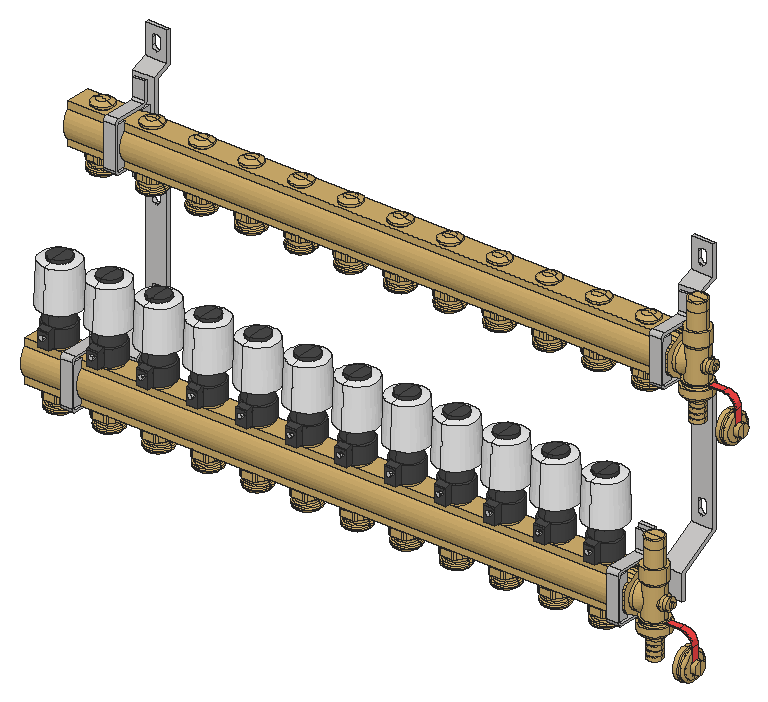
Revit family "1Manifold FHF_2-12_TWA-A_RFA", category Pipe Accessories, Revit 2019 (continued)
Definition of nested family "_FHF-EA_EM"
  Forms (mm)
    Revolve 13, solid, material <- "Valve Body Material", visible <- "FHF-EA200"
      sketch origin (0, 0, 0) x (1, 0, 0) y (0, 0, 1)
        loop
          line (34.458, 75.7) -> (18.583, 75.7) -> (18.583, 31.222) -> (22.397, 31.222) -> (22.397, 29.7) -> (22.397, -20.3) -> (19.532, -20.3) -> (19.532, -30.3) -> (26.815, -30.3) -> (26.815, -53.8) -> (34.458, -53.8) -> (34.458, 75.7)
        axis (34.458, -53.8) -> (34.458, 75.7)
      angle from 0 to 360
    Revolve 14, solid, material <- "Valve Body Material", visible <- "FHF-EA200"
      sketch origin (0, 0, 0) x (1, 0, 0) y (0, 0, 1)
        loop
          line (64.487, -47.3) -> (80.487, -47.3) -> (80.487, -41.045) -> (74.447, -41.045) -> (74.447, -32.3) -> (64.487, -32.3) -> (64.487, -47.3)
        axis (80.487, -47.3) -> (64.487, -47.3)
      angle from 0 to 360
    Revolve 15, solid, material <- "Valve Body Material", visible <- "FHF-EM350"
      sketch origin (0, 0, 0) x (1, 0, 0) y (0, 0, 1)
        loop
          line (34.487, -53.8) -> (34.487, 57.24) -> (26.313, 57.24)
          arc (26.313, 57.24) -> (25.748, 57.006) -> (25.513, 56.44) r 0.8
          line (25.513, 56.44) -> (25.513, 48.2) -> (25.513, 31.226) -> (22.284, 31.226) -> (22.284, 17.96) -> (23.815, 15.773) -> (23.815, -16.3) -> (20.987, -16.3) -> (20.987, -17.3) -> (23.632, -17.3) -> (23.632, -18.82) -> (22.157, -20.295) -> (19.515, -20.295) -> (19.515, -27.281) -> (22.534, -30.3) -> (26.842, -30.3) -> (27.094, -35.103) -> (27.482, -38.797) -> (27.272, -39.877) -> (27.48, -43.835) -> (27.281, -44.86) -> (27.488, -48.827) -> (27.176, -49.734) -> (27.176, -53.35) -> (28.237, -53.8) -> (34.487, -53.8)
        axis (34.487, -53.8) -> (34.487, 57.24)
      angle from 0 to 360
    Sweep 16, solid, visible <- "FHF-EM"
      path origin (0, 0, 0) x (1, 0, 0) y (0, 0, 1)
        loop
          line (45.159, -16.3) -> (62.487, -16.3)
          arc (62.487, -16.3) -> (71.656, -20.098) -> (75.455, -29.268) r 12.968
          line (75.455, -29.268) -> (75.455, -54.268)
      profile origin (53.823, 0, -16.3) x (0, 0, 1) y (0, -1, 0)
        loop
          line (-0.007, 3.534) -> (-1.008, 3.534) -> (-1.008, -3.534) -> (-0.008, -3.534) -> (-0.007, 3.534)
    Revolve 17, solid, material <- "Valve Body Material", visible <- "FHF-EM200"
      sketch origin (0, 0, 0) x (1, 0, 0) y (0, 0, 1)
        loop
          line (0, 0) -> (34.041, 0)
          arc (34.041, 0) -> (30.207, 11.138) -> (19.487, 16.021) r 14.916
          line (19.487, 16.021) -> (0, 16.021) -> (0, 0)
        axis (0, 0) -> (34.041, 0)
      angle from 0 to 360
    Revolve 18, solid, material <- "Valve Body Material", visible <- "FHF-EA200"
      sketch origin (0, 0, 0) x (1, 0, 0) y (0, 0, 1)
        loop
          line (34.458, 75.7) -> (18.583, 75.7) -> (18.583, 31.222) -> (22.397, 31.222) -> (22.397, 29.7) -> (22.397, -20.3) -> (19.532, -20.3) -> (19.532, -30.3) -> (26.815, -30.3) -> (26.815, -53.8) -> (34.458, -53.8) -> (34.458, 75.7)
        axis (34.458, -53.8) -> (34.458, 75.7)
      angle from 0 to 360
    Revolve 19, solid, material <- "Valve Body Material", visible <- "FHF-EM200"
      sketch origin (0, 0, 0) x (1, 0, 0) y (0, 0, 1)
        loop
          line (64.487, -47.3) -> (80.487, -47.3) -> (80.487, -41.045) -> (74.447, -41.045) -> (74.447, -32.3) -> (64.487, -32.3) -> (64.487, -47.3)
        axis (80.487, -47.3) -> (64.487, -47.3)
      angle from 0 to 360
    Revolve 20, solid, material <- "Valve Body Material", visible <- "FHF-EM200"
      sketch origin (0, 0, 0) x (1, 0, 0) y (0, 0, 1)
        loop
          line (34.458, 57.24) -> (22.397, 57.24) -> (22.397, -20.3) -> (19.532, -20.3) -> (19.532, -30.3) -> (26.815, -30.3) -> (26.815, -53.8) -> (34.458, -53.8) -> (34.458, 57.24)
        axis (34.458, -53.8) -> (34.458, 57.24)
      angle from 0 to 360
  Dimensions and locks
    "L": plane 6 to plane 3 "Center (Left/Right)"
    "H1": plane 8 to level
    "H2": level to plane 7
    equal spacing: plane 9, plane 1 "Center (Front/Back)", plane 10
    "W": plane 9 to plane 10
    aligned and locked: level to plane 2
  Automatic sketch dimensions
    Revolve 1 sketch curve to level = 0 mm  (x2)
    Revolve 1 sketch curve to plane 3 "Center (Left/Right)" = 0 mm  (x2)
    plane 3 "Center (Left/Right)" to Revolve 1 sketch curve = 7.24 mm
    Revolve 1 sketch curve to Revolve 1 sketch curve = 0.736 mm
    Revolve 1 sketch curve to Revolve 1 sketch curve = 2.794 mm
    Revolve 1 sketch curve to Revolve 1 sketch curve = 1.453 mm
    level to Revolve 1 sketch curve = 14.494 mm
    Revolve 1 sketch curve to Revolve 1 sketch curve = 2.058 mm  (x2)
    plane 3 "Center (Left/Right)" to Revolve 1 sketch curve = 1.535 mm
    Revolve 1 sketch curve to Revolve 1 sketch curve = 0 mm
    Revolve 1 sketch curve to Revolve 1 sketch curve = 1.535 mm
    Extrusion 2 sketch curve to level = 0 mm  (x2)
    Extrusion 2 sketch curve to plane 1 "Center (Front/Back)" = 0 mm  (x2)
    plane 1 "Center (Front/Back)" to Extrusion 2 sketch curve = 2.669 mm  (x2)
    Extrusion 2 sketch curve to Extrusion 2 sketch curve = 3.302 mm  (x2)
    Extrusion 2 sketch curve to plane 4 = 3.75 mm  (x2)
    plane 4 to Extrusion 2 sketch curve = 2.831 mm  (x2)
    Extrusion 2 sketch curve to Extrusion 2 sketch curve = 0.782 mm  (x2)
    Extrusion 2 sketch curve to Extrusion 2 sketch curve = 0.707 mm  (x2)
    Extrusion 2 sketch curve to Extrusion 2 sketch curve = 1.489 mm  (x2)
    Extrusion 2 sketch curve to Extrusion 2 sketch curve = 0.63 mm  (x2)
    plane 4 to Extrusion 2 sketch curve = 5.5 mm
    Extrusion 2 sketch curve to plane 1 "Center (Front/Back)" = 2.669 mm  (x2)
    plane 5 to Extrusion 2 sketch curve = 3.75 mm  (x2)
    Extrusion 2 sketch curve to plane 5 = 2.831 mm  (x2)
    Extrusion 2 sketch curve to plane 5 = 5.5 mm
    Extrusion 2 sketch curve to Extrusion 2 sketch curve = 3.786 mm  (x2)
    Extrusion 2 sketch curve to Extrusion 2 sketch curve = 3.813 mm  (x2)
    Extrusion 2 sketch curve to Extrusion 2 sketch curve = 1.22 mm  (x2)
    Extrusion 2 sketch curve to Extrusion 2 sketch curve = 1.181 mm  (x2)
    Extrusion 2 sketch curve to Extrusion 2 sketch curve = 1.136 mm  (x2)
    Extrusion 2 sketch curve to Extrusion 2 sketch curve = 1.086 mm  (x2)
    Extrusion 2 sketch curve to Extrusion 2 sketch curve = 3.8 mm  (x4)
    Extrusion 2 sketch curve to Extrusion 2 sketch curve = 1.893 mm  (x7)
    Extrusion 2 sketch curve to Extrusion 2 sketch curve = 5.693 mm
    Extrusion 2 sketch curve to Extrusion 2 sketch curve = 1.907 mm  (x3)
    Extrusion 2 sketch curve to Extrusion 2 sketch curve = 0.179 mm  (x2)
    level to Extrusion 2 sketch curve = 3.786 mm  (x2)
    Extrusion 2 sketch curve to Extrusion 2 sketch curve = 3.814 mm  (x2)
    Extrusion 2 sketch curve to Extrusion 2 sketch curve = 2.401 mm  (x2)
    Extrusion 2 sketch curve to Extrusion 2 sketch curve = 2.222 mm  (x2)
    Extrusion 2 sketch curve to Extrusion 2 sketch curve = 0 mm  (x15)
    Extrusion 2 sketch curve to Extrusion 2 sketch curve = 3.279 mm  (x2)
    Extrusion 2 sketch curve to plane 4 = 0.471 mm  (x2)
    plane 5 to Extrusion 2 sketch curve = 0.471 mm  (x2)
    plane 3 "Center (Left/Right)" to Revolve 3 sketch curve = 15.987 mm
    Revolve 3 sketch curve to Revolve 3 sketch curve = 0.47 mm
    Revolve 3 sketch curve to Revolve 3 sketch curve = 1.502 mm
    Revolve 3 sketch curve to Revolve 3 sketch curve = 3.069 mm
    plane 3 "Center (Left/Right)" to Revolve 3 sketch curve = 19.056 mm
    plane 3 "Center (Left/Right)" to Revolve 3 sketch curve = 19.515 mm
    Revolve 3 sketch curve to Revolve 3 sketch curve = 1.472 mm
    Revolve 3 sketch curve to Revolve 3 sketch curve = 3.228 mm
    Revolve 3 sketch curve to Revolve 3 sketch curve = 2.642 mm
    Revolve 3 sketch curve to Revolve 3 sketch curve = 3.019 mm  (x2)
    Revolve 3 sketch curve to Revolve 3 sketch curve = 1.475 mm  (x2)
    Revolve 3 sketch curve to Revolve 3 sketch curve = 1.531 mm
    Revolve 3 sketch curve to Revolve 3 sketch curve = 4.308 mm
    Revolve 3 sketch curve to Revolve 3 sketch curve = 0.252 mm
    Revolve 3 sketch curve to Revolve 3 sketch curve = 0.082 mm
    Revolve 3 sketch curve to Revolve 3 sketch curve = 0.178 mm
    Revolve 3 sketch curve to Revolve 3 sketch curve = 0.105 mm
    Revolve 3 sketch curve to Revolve 3 sketch curve = 0.199 mm
    Revolve 3 sketch curve to Revolve 3 sketch curve = 0.21 mm
    Revolve 3 sketch curve to Revolve 3 sketch curve = 0.313 mm
    Revolve 3 sketch curve to Revolve 3 sketch curve = 1.061 mm
    Revolve 3 sketch curve to Revolve 3 sketch curve = 3.958 mm
    Revolve 3 sketch curve to Revolve 3 sketch curve = 1.08 mm
    Revolve 3 sketch curve to Revolve 3 sketch curve = 3.695 mm
    Revolve 3 sketch curve to Revolve 3 sketch curve = 4.803 mm
    Revolve 3 sketch curve to Revolve 3 sketch curve = 1.52 mm
    Revolve 3 sketch curve to Revolve 3 sketch curve = 1 mm
    level to Revolve 3 sketch curve = 15.773 mm
    Revolve 3 sketch curve to Revolve 3 sketch curve = 17.012 mm
    Revolve 3 sketch curve to Revolve 3 sketch curve = 0.512 mm
    Revolve 3 sketch curve to Revolve 3 sketch curve = 0.919 mm
    Revolve 3 sketch curve to Revolve 3 sketch curve = 5.08 mm
    Revolve 3 sketch curve to Revolve 3 sketch curve = 1.962 mm
    Revolve 3 sketch curve to Revolve 3 sketch curve = 6.25 mm
    Revolve 3 sketch curve to Revolve 3 sketch curve = 0 mm  (x2)
    Revolve 3 sketch curve to Revolve 3 sketch curve = 0.007 mm
    plane 6 to Revolve 4 sketch curve = 0 mm  (x2)
    Revolve 4 sketch curve to plane 6 = 6 mm
    Revolve 4 sketch curve to Revolve 4 sketch curve = 2.522 mm
    Revolve 4 sketch curve to Revolve 4 sketch curve = 2.471 mm
    Revolve 4 sketch curve to Revolve 4 sketch curve = 0.522 mm
    Revolve 4 sketch curve to Revolve 4 sketch curve = 0.143 mm
    Revolve 4 sketch curve to Revolve 4 sketch curve = 6.164 mm
    Revolve 4 sketch curve to Revolve 4 sketch curve = 5.813 mm
    Revolve 4 sketch curve to Revolve 4 sketch curve = 0.001 mm
    Revolve 4 sketch curve to Revolve 4 sketch curve = 10 mm
    Revolve 4 sketch curve to Revolve 4 sketch curve = 0 mm  (x2)
    Sweep 5 sketch curve to plane 6 = 18 mm
    Sweep 5 sketch curve to Sweep 5 sketch curve = 12.968 mm
    Sweep 5 sketch curve to Sweep 5 sketch curve = 17.328 mm
    profile plane to Sweep 5 sketch curve = 1.008 mm
    profile plane to Sweep 5 sketch curve = 0.008 mm
    Sweep 5 sketch curve to Sweep 5 sketch curve = 1.001 mm
    Sweep 5 sketch curve to plane 1 "Center (Front/Back)" = 3.534 mm
    plane 1 "Center (Front/Back)" to Sweep 5 sketch curve = 3.534 mm
    Sweep 5 sketch curve to Sweep 5 sketch curve = 1 mm
    plane 3 "Center (Left/Right)" to Revolve 6 sketch curve = 6.174 mm
    Revolve 6 sketch curve to Revolve 6 sketch curve = 9.151 mm
    Revolve 6 sketch curve to Revolve 6 sketch curve = 0.823 mm
    Revolve 6 sketch curve to Revolve 6 sketch curve = 0 mm  (x2)
    Revolve 6 sketch curve to Revolve 6 sketch curve = 3.908 mm
    Revolve 6 sketch curve to Revolve 6 sketch curve = 0.141 mm
    Revolve 7 sketch curve to level = 0 mm  (x2)
    plane 3 "Center (Left/Right)" to Revolve 7 sketch curve = 19.487 mm
    Revolve 7 sketch curve to Revolve 7 sketch curve = 4.111 mm
    Revolve 7 sketch curve to Revolve 7 sketch curve = 9.817 mm
    Revolve 7 sketch curve to Revolve 7 sketch curve = 11.642 mm
    Revolve 7 sketch curve to Revolve 7 sketch curve = 1.53 mm
    Revolve 7 sketch curve to Revolve 7 sketch curve = 4.1 mm
    Revolve 7 sketch curve to Revolve 7 sketch curve = 2.909 mm
    level to Revolve 7 sketch curve = 2.5 mm
    Revolve 7 sketch curve to Revolve 7 sketch curve = 3.5 mm
    level to Revolve 7 sketch curve = 7.53 mm
    Revolve 7 sketch curve to Revolve 7 sketch curve = 7.132 mm
    Revolve 7 sketch curve to Revolve 7 sketch curve = 0 mm  (x2)
    Revolve 8 sketch curve to level = 0 mm  (x2)
    Revolve 8 sketch curve to plane 3 "Center (Left/Right)" = 0 mm  (x2)
    plane 3 "Center (Left/Right)" to Revolve 8 sketch curve = 1.535 mm
    Revolve 8 sketch curve to Revolve 8 sketch curve = 5.705 mm
    Revolve 8 sketch curve to Revolve 8 sketch curve = 0.736 mm
    Revolve 8 sketch curve to Revolve 8 sketch curve = 2.794 mm
    Revolve 8 sketch curve to Revolve 8 sketch curve = 1.453 mm
    level to Revolve 8 sketch curve = 14.494 mm
    Revolve 8 sketch curve to Revolve 8 sketch curve = 0.523 mm
    Revolve 8 sketch curve to Revolve 8 sketch curve = 2.058 mm  (x2)
    Revolve 8 sketch curve to Revolve 8 sketch curve = 0 mm
    Extrusion 9 sketch curve to level = 0 mm  (x2)
    Extrusion 9 sketch curve to plane 1 "Center (Front/Back)" = 0 mm  (x2)
    plane 1 "Center (Front/Back)" to Extrusion 9 sketch curve = 2.669 mm  (x2)
    Extrusion 9 sketch curve to Extrusion 9 sketch curve = 3.302 mm  (x2)
    Extrusion 9 sketch curve to plane 4 = 3.75 mm  (x2)
    plane 4 to Extrusion 9 sketch curve = 2.831 mm  (x2)
    Extrusion 9 sketch curve to Extrusion 9 sketch curve = 0.782 mm  (x2)
    Extrusion 9 sketch curve to Extrusion 9 sketch curve = 0.707 mm  (x2)
    Extrusion 9 sketch curve to Extrusion 9 sketch curve = 1.489 mm  (x2)
    Extrusion 9 sketch curve to Extrusion 9 sketch curve = 0.63 mm  (x2)
    plane 4 to Extrusion 9 sketch curve = 5.5 mm
    Extrusion 9 sketch curve to plane 1 "Center (Front/Back)" = 2.669 mm  (x2)
    plane 5 to Extrusion 9 sketch curve = 3.75 mm  (x2)
    Extrusion 9 sketch curve to plane 5 = 2.831 mm  (x2)
    Extrusion 9 sketch curve to plane 5 = 5.5 mm
    Extrusion 9 sketch curve to Extrusion 9 sketch curve = 3.786 mm  (x2)
    Extrusion 9 sketch curve to Extrusion 9 sketch curve = 3.813 mm  (x2)
    Extrusion 9 sketch curve to Extrusion 9 sketch curve = 1.22 mm  (x2)
    Extrusion 9 sketch curve to Extrusion 9 sketch curve = 1.181 mm  (x2)
    Extrusion 9 sketch curve to Extrusion 9 sketch curve = 1.136 mm  (x2)
    Extrusion 9 sketch curve to Extrusion 9 sketch curve = 1.086 mm  (x2)
    Extrusion 9 sketch curve to Extrusion 9 sketch curve = 3.8 mm  (x4)
    Extrusion 9 sketch curve to Extrusion 9 sketch curve = 1.893 mm  (x7)
    Extrusion 9 sketch curve to Extrusion 9 sketch curve = 5.693 mm
    Extrusion 9 sketch curve to Extrusion 9 sketch curve = 1.907 mm  (x3)
    Extrusion 9 sketch curve to Extrusion 9 sketch curve = 0.179 mm  (x2)
    level to Extrusion 9 sketch curve = 3.786 mm  (x2)
    Extrusion 9 sketch curve to Extrusion 9 sketch curve = 3.814 mm  (x2)
    Extrusion 9 sketch curve to Extrusion 9 sketch curve = 2.401 mm  (x2)
    Extrusion 9 sketch curve to Extrusion 9 sketch curve = 2.222 mm  (x2)
    Extrusion 9 sketch curve to Extrusion 9 sketch curve = 0 mm  (x15)
    Extrusion 9 sketch curve to Extrusion 9 sketch curve = 3.279 mm  (x2)
    Extrusion 9 sketch curve to plane 4 = 0.471 mm  (x2)
    plane 5 to Extrusion 9 sketch curve = 0.471 mm  (x2)
    plane 6 to Revolve 10 sketch curve = 0 mm  (x2)
    Revolve 10 sketch curve to plane 6 = 6 mm
    Revolve 10 sketch curve to Revolve 10 sketch curve = 2.522 mm
    Revolve 10 sketch curve to Revolve 10 sketch curve = 2.471 mm
    Revolve 10 sketch curve to Revolve 10 sketch curve = 0.522 mm
    Revolve 10 sketch curve to Revolve 10 sketch curve = 0.143 mm
    Revolve 10 sketch curve to Revolve 10 sketch curve = 10 mm
    Revolve 10 sketch curve to Revolve 10 sketch curve = 6.164 mm
    Revolve 10 sketch curve to Revolve 10 sketch curve = 5.813 mm
    Revolve 10 sketch curve to Revolve 10 sketch curve = 0.001 mm
    Revolve 10 sketch curve to Revolve 10 sketch curve = 0 mm  (x2)
    Revolve 11 sketch curve to level = 0 mm  (x2)
    plane 3 "Center (Left/Right)" to Revolve 11 sketch curve = 19.487 mm
    Revolve 11 sketch curve to Revolve 11 sketch curve = 4.111 mm
    Revolve 11 sketch curve to Revolve 11 sketch curve = 9.817 mm
    Revolve 11 sketch curve to Revolve 11 sketch curve = 11.642 mm
    Revolve 11 sketch curve to Revolve 11 sketch curve = 1.53 mm
    Revolve 11 sketch curve to Revolve 11 sketch curve = 4.1 mm
    Revolve 11 sketch curve to Revolve 11 sketch curve = 2.909 mm
    level to Revolve 11 sketch curve = 2.5 mm
    Revolve 11 sketch curve to Revolve 11 sketch curve = 3.5 mm
    level to Revolve 11 sketch curve = 7.53 mm
    Revolve 11 sketch curve to Revolve 11 sketch curve = 7.132 mm
    Revolve 11 sketch curve to Revolve 11 sketch curve = 0 mm  (x2)
    Revolve 12 sketch curve to level = 0 mm  (x2)
    Revolve 12 sketch curve to plane 3 "Center (Left/Right)" = 0 mm  (x2)
    level to Revolve 12 sketch curve = 1.109 mm
    plane 3 "Center (Left/Right)" to Revolve 12 sketch curve = 19.166 mm
    Revolve 12 sketch curve to Revolve 12 sketch curve = 0.32 mm
    Revolve 12 sketch curve to Revolve 12 sketch curve = 14.874 mm
    Revolve 12 sketch curve to Revolve 12 sketch curve = 0 mm
    plane 3 "Center (Left/Right)" to Revolve 13 sketch curve = 18.583 mm
    plane 3 "Center (Left/Right)" to Revolve 13 sketch curve = 19.532 mm
    Revolve 13 sketch curve to Revolve 13 sketch curve = 3.814 mm
    Revolve 13 sketch curve to Revolve 13 sketch curve = 7.283 mm
    Revolve 13 sketch curve to Revolve 13 sketch curve = 7.643 mm
    Revolve 13 sketch curve to Revolve 13 sketch curve = 10 mm
    level to Revolve 13 sketch curve = 29.7 mm
    Revolve 13 sketch curve to Revolve 13 sketch curve = 1.522 mm
    Revolve 13 sketch curve to Revolve 13 sketch curve = 0 mm  (x3)
    plane 6 to Revolve 14 sketch curve = 0 mm  (x2)
    Revolve 14 sketch curve to plane 6 = 6.04 mm
    Revolve 14 sketch curve to Revolve 14 sketch curve = 9.96 mm
    Revolve 14 sketch curve to Revolve 14 sketch curve = 8.745 mm
    Revolve 14 sketch curve to Revolve 14 sketch curve = 0 mm  (x2)
    Sweep 16 sketch curve to plane 6 = 18 mm
    Sweep 16 sketch curve to plane 6 = 5.032 mm
    Sweep 16 sketch curve to Sweep 16 sketch curve = 17.328 mm
    profile plane to Sweep 16 sketch curve = 1.008 mm  (x2)
    profile plane to Sweep 16 sketch curve = 0.008 mm
    profile plane to Sweep 16 sketch curve = 0.007 mm
    Sweep 16 sketch curve to plane 1 "Center (Front/Back)" = 3.534 mm
    plane 1 "Center (Front/Back)" to Sweep 16 sketch curve = 3.534 mm
    Revolve 17 sketch curve to level = 0 mm  (x2)
    Revolve 17 sketch curve to plane 3 "Center (Left/Right)" = 0 mm  (x2)
    level to Revolve 17 sketch curve = 1.109 mm
    plane 3 "Center (Left/Right)" to Revolve 17 sketch curve = 19.166 mm
    Revolve 17 sketch curve to Revolve 17 sketch curve = 0.32 mm
    Revolve 17 sketch curve to Revolve 17 sketch curve = 14.874 mm
    Revolve 17 sketch curve to Revolve 17 sketch curve = 0 mm
    plane 3 "Center (Left/Right)" to Revolve 18 sketch curve = 18.583 mm
    plane 3 "Center (Left/Right)" to Revolve 18 sketch curve = 19.532 mm
    Revolve 18 sketch curve to Revolve 18 sketch curve = 3.814 mm
    Revolve 18 sketch curve to Revolve 18 sketch curve = 7.283 mm
    Revolve 18 sketch curve to Revolve 18 sketch curve = 7.643 mm
    Revolve 18 sketch curve to Revolve 18 sketch curve = 10 mm
    level to Revolve 18 sketch curve = 29.7 mm
    Revolve 18 sketch curve to Revolve 18 sketch curve = 1.522 mm
    Revolve 18 sketch curve to Revolve 18 sketch curve = 0 mm  (x3)
    plane 6 to Revolve 19 sketch curve = 0 mm  (x2)
    Revolve 19 sketch curve to plane 6 = 6.04 mm
    Revolve 19 sketch curve to Revolve 19 sketch curve = 9.96 mm
    Revolve 19 sketch curve to Revolve 19 sketch curve = 6.255 mm
    Revolve 19 sketch curve to Revolve 19 sketch curve = 8.745 mm
    Revolve 19 sketch curve to Revolve 19 sketch curve = 0 mm  (x2)
    plane 3 "Center (Left/Right)" to Revolve 20 sketch curve = 19.532 mm
    Revolve 20 sketch curve to Revolve 20 sketch curve = 2.865 mm
    Revolve 20 sketch curve to Revolve 20 sketch curve = 7.283 mm
    Revolve 20 sketch curve to Revolve 20 sketch curve = 7.643 mm
    Revolve 20 sketch curve to Revolve 20 sketch curve = 10 mm
    Revolve 20 sketch curve to Revolve 20 sketch curve = 0 mm  (x3)
    Revolve 3 sketch curve to Revolve 3 sketch curve = 1.5 mm  (x2)
    level to Revolve 6 sketch curve = 69.25 mm
    Revolve 6 sketch curve to Revolve 6 sketch curve = 4.604 mm
    Revolve 6 sketch curve to Revolve 6 sketch curve = 1.346 mm
    Revolve 6 sketch curve to Revolve 6 sketch curve = 0.561 mm
    Revolve 13 sketch curve to Revolve 13 sketch curve = 44.478 mm
    Revolve 18 sketch curve to Revolve 18 sketch curve = 44.478 mm
    level to Revolve 20 sketch curve = 57.24 mm
    Revolve 3 sketch curve to level = 16.3 mm
    Revolve 3 sketch curve to Revolve 3 sketch curve = 1.025 mm
    Revolve 3 sketch curve to Revolve 3 sketch curve = 3.967 mm
    Revolve 3 sketch curve to Revolve 3 sketch curve = 0.908 mm
    Revolve 3 sketch curve to Revolve 3 sketch curve = 3.615 mm
    Revolve 3 sketch curve to Revolve 3 sketch curve = 0.45 mm
    Revolve 4 sketch curve to level = 47.3 mm
    Sweep 5 sketch curve to level = 29.268 mm
    Sweep 5 sketch curve to Sweep 5 sketch curve = 25 mm
    Revolve 10 sketch curve to level = 47.3 mm
    Revolve 13 sketch curve to level = 20.3 mm
    Revolve 13 sketch curve to Revolve 13 sketch curve = 23.5 mm
    Revolve 14 sketch curve to level = 47.3 mm
    Revolve 14 sketch curve to Revolve 14 sketch curve = 6.255 mm
    Sweep 16 sketch curve to level = 29.268 mm
    Sweep 16 sketch curve to Sweep 16 sketch curve = 25 mm
    Revolve 18 sketch curve to level = 20.3 mm
    Revolve 18 sketch curve to Revolve 18 sketch curve = 23.5 mm
    Revolve 19 sketch curve to level = 47.3 mm
    Revolve 20 sketch curve to level = 20.3 mm
    Revolve 20 sketch curve to Revolve 20 sketch curve = 23.5 mm
    Revolve 3 sketch curve to plane 8 = 0 mm
    Revolve 3 sketch curve to Revolve 3 sketch curve = 2.187 mm
    Revolve 3 sketch curve to Revolve 3 sketch curve = 13.266 mm
    Revolve 3 sketch curve to plane 7 = 0 mm
    Revolve 15 sketch curve to plane 7 = 0 mm  (x2)
    plane 3 "Center (Left/Right)" to Revolve 15 sketch curve = 19.515 mm
    Revolve 15 sketch curve to Revolve 15 sketch curve = 1.472 mm
    plane 3 "Center (Left/Right)" to Revolve 15 sketch curve = 22.284 mm
    Revolve 15 sketch curve to Revolve 15 sketch curve = 2.642 mm
    Revolve 15 sketch curve to Revolve 15 sketch curve = 3.019 mm  (x2)
    Revolve 15 sketch curve to Revolve 15 sketch curve = 2.645 mm
    Revolve 15 sketch curve to Revolve 15 sketch curve = 1.531 mm
    Revolve 15 sketch curve to Revolve 15 sketch curve = 3.229 mm
    Revolve 15 sketch curve to Revolve 15 sketch curve = 0.8 mm
    Revolve 15 sketch curve to Revolve 15 sketch curve = 4.308 mm
    Revolve 15 sketch curve to Revolve 15 sketch curve = 0.252 mm
    plane 7 to Revolve 15 sketch curve = 0.45 mm
    Revolve 15 sketch curve to Revolve 15 sketch curve = 0.082 mm
    Revolve 15 sketch curve to Revolve 15 sketch curve = 0.178 mm
    plane 7 to Revolve 15 sketch curve = 8.94 mm
    Revolve 15 sketch curve to Revolve 15 sketch curve = 0.105 mm
    plane 7 to Revolve 15 sketch curve = 9.965 mm
    Revolve 15 sketch curve to Revolve 15 sketch curve = 0.199 mm
    Revolve 15 sketch curve to Revolve 15 sketch curve = 0.21 mm
    plane 7 to Revolve 15 sketch curve = 4.973 mm
    Revolve 15 sketch curve to Revolve 15 sketch curve = 0.313 mm
    Revolve 15 sketch curve to Revolve 15 sketch curve = 1.061 mm
    Revolve 15 sketch curve to Revolve 15 sketch curve = 6.25 mm
    Revolve 15 sketch curve to Revolve 15 sketch curve = 0.908 mm
    Revolve 15 sketch curve to Revolve 15 sketch curve = 3.958 mm
    Revolve 15 sketch curve to Revolve 15 sketch curve = 1.08 mm
    Revolve 15 sketch curve to Revolve 15 sketch curve = 3.695 mm
    Revolve 15 sketch curve to Revolve 15 sketch curve = 4.803 mm
    Revolve 15 sketch curve to Revolve 15 sketch curve = 1.475 mm
    Revolve 15 sketch curve to Revolve 15 sketch curve = 1.52 mm
    Revolve 15 sketch curve to Revolve 15 sketch curve = 1 mm
    level to Revolve 15 sketch curve = 15.773 mm
    Revolve 15 sketch curve to plane 8 = 19.26 mm
    Revolve 15 sketch curve to Revolve 15 sketch curve = 0 mm  (x2)
    Revolve 15 sketch curve to Revolve 15 sketch curve = 8.24 mm
    Revolve 15 sketch curve to Revolve 15 sketch curve = 2.187 mm
    Revolve 15 sketch curve to Revolve 15 sketch curve = 13.266 mm
    Revolve 15 sketch curve to Revolve 15 sketch curve = 6.986 mm
Definition of nested family "_FHF-MB_RFA"
  Parameters (values of type "FHF-MB_088U0585")
    W = 85.5 mm
    Valve Body Material = none
    Model Type = "FHF-MB_Mounting brackets set"
    Model = "088U0585"
    Manufacturer = "Danfoss"  # constant formula
    LOD 350 [instance] = not(LOD 200)  # yes
    LOD 200 [instance] = no
    L [instance] = 688 mm
    IfcExportType = "FHF-MB"  # constant formula
    IfcExportAs = "IfcValveType"  # constant formula
    H = 342 mm
    Description = "Accessories for Manifolds"
  Reference planes
    plane 1 "Center (Front/Back)": y = 0
    plane 2: z = 0
    plane 3 "s": x = 0
    plane 4: x = 716.737
    plane 5: x = 14.697
    plane 6: x = 2.697
    plane 7: x = 673.959
    plane 8: x = 690.697
    plane 9: x = 685.947
    plane 10: x = 707.447
    plane 11: x = -22.303
    plane 12: x = -10.303
    plane 13: x = 677.697
    plane 14: x = 665.697
    plane 15: y = 1.109
    plane 16: y = -2.391
    plane 17: z = -257.811
    plane 18: z = 84.189
    plane 19: y = 40.109
    plane 20: y = -45.391
    plane 21 "Center (Left/Right)": x = 8.697
    plane 22 "right": x = 696.697
    plane 23: x = 702.697
  Forms (mm)
    Extrusion 1, solid, material <- "Valve Body Material"
      sketch origin (0, 0, 0) x (0, 1, 0) y (0, 0, 1)
        loop
          line (16.609, 28.189) -> (16.609, 46.189) -> (14.609, 46.189) -> (14.609, 28.189)
          arc (14.609, 28.189) -> (14.023, 26.775) -> (12.609, 26.189) r 2
          line (12.609, 26.189) -> (-18.391, 26.189)
          arc (-18.391, 26.189) -> (-21.219, 25.017) -> (-22.391, 22.189) r 4
          line (-22.391, 22.189) -> (-22.391, -19.811)
          arc (-22.391, -19.811) -> (-21.219, -22.639) -> (-18.391, -23.811) r 4
          line (-18.391, -23.811) -> (12.609, -23.811)
          arc (12.609, -23.811) -> (14.023, -24.397) -> (14.609, -25.811) r 2
          line (14.609, -25.811) -> (14.609, -43.811) -> (16.609, -43.811) -> (16.609, -25.811)
          arc (16.609, -25.811) -> (15.438, -22.983) -> (12.609, -21.811) r 4
          line (12.609, -21.811) -> (-18.391, -21.811)
          arc (-18.391, -21.811) -> (-19.992, -21.042) -> (-20.391, -19.311) r 2.05
          line (-20.391, -19.311) -> (-20.391, 21.689)
          arc (-20.391, 21.689) -> (-19.992, 23.42) -> (-18.391, 24.189) r 2.05
          line (-18.391, 24.189) -> (12.609, 24.189)
          arc (12.609, 24.189) -> (15.438, 25.361) -> (16.609, 28.189) r 4
      from 2.697 to 14.697
    Extrusion 2, solid, material <- "Valve Body Material"
      sketch origin (0, 0, 0) x (0, 1, 0) y (0, 0, 1)
        loop
          line (36.609, 84.189) -> (36.609, 54.013) -> (20.609, 48.189) -> (20.609, -45.811) -> (36.609, -51.634) -> (36.609, -173.334) -> (-2.391, -195.851) -> (-2.391, -221.811) -> (1.109, -221.811) -> (1.109, -197.872) -> (40.109, -175.355) -> (40.109, -49.184) -> (24.109, -43.36) -> (24.109, 45.738) -> (40.109, 51.562) -> (40.109, 84.189) -> (36.609, 84.189)
      from -2.053 to 19.447
    Extrusion 3, solid, material <- "Valve Body Material"
      sketch origin (0, 0, 0) x (0, 1, 0) y (0, 0, 1)
        loop
          line (-6.391, -184.811) -> (-6.391, -166.811) -> (-8.391, -166.811) -> (-8.391, -184.811)
          arc (-8.391, -184.811) -> (-8.977, -186.225) -> (-10.391, -186.811) r 2
          line (-10.391, -186.811) -> (-41.391, -186.811)
          arc (-41.391, -186.811) -> (-44.219, -187.983) -> (-45.391, -190.811) r 4
          line (-45.391, -190.811) -> (-45.391, -232.811)
          arc (-45.391, -232.811) -> (-44.219, -235.639) -> (-41.391, -236.811) r 4
          line (-41.391, -236.811) -> (-10.391, -236.811)
          arc (-10.391, -236.811) -> (-8.977, -237.397) -> (-8.391, -238.811) r 2
          line (-8.391, -238.811) -> (-8.391, -256.811) -> (-6.391, -256.811) -> (-6.391, -238.811)
          arc (-6.391, -238.811) -> (-7.562, -235.983) -> (-10.391, -234.811) r 4
          line (-10.391, -234.811) -> (-41.391, -234.811)
          arc (-41.391, -234.811) -> (-42.992, -234.042) -> (-43.391, -232.311) r 2.05
          line (-43.391, -232.311) -> (-43.391, -191.311)
          arc (-43.391, -191.311) -> (-42.992, -189.58) -> (-41.391, -188.811) r 2.05
          line (-41.391, -188.811) -> (-10.391, -188.811)
          arc (-10.391, -188.811) -> (-7.562, -187.639) -> (-6.391, -184.811) r 4
      from -22.303 to -10.303
    Extrusion 4, solid, material <- "Valve Body Material"
      sketch origin (0, 0, 0) x (1, 0, 0) y (0, 0, 1)
        loop
          line (-2.053, -201.811) -> (-9.553, -201.811) -> (-9.553, -165.811) -> (-24.553, -165.811) -> (-24.553, -257.811) -> (-8.553, -257.811) -> (-8.553, -221.811) -> (-2.053, -221.811) -> (-2.053, -201.811)
      from -1.109 to 2.391
    Extrusion 5, solid, material <- "Valve Body Material", visible <- "LOD 350"
      sketch origin (0, 0, 0) x (0, 1, 0) y (0, 0, 1)
        loop
          line (-2.391, -191.311) -> (-11.391, -191.311) -> (-11.391, -198.283)
          arc (-11.391, -198.283) -> (-5.61, -211.811) -> (-11.391, -225.339) r 18.718
          line (-11.391, -225.339) -> (-11.391, -232.311) -> (-2.391, -232.311) -> (-2.391, -191.311)
        loop
          line (-34.391, -191.311) -> (-43.391, -191.311) -> (-43.391, -232.311) -> (-34.391, -232.311) -> (-34.391, -225.339)
          arc (-34.391, -225.339) -> (-40.327, -211.811) -> (-34.391, -198.283) r 18.382
          line (-34.391, -198.283) -> (-34.391, -191.311)
      from -22.303 to -10.303
    Extrusion 6, solid, material <- "Valve Body Material", visible <- "LOD 350"
      sketch origin (0, 0, 0) x (0, 1, 0) y (0, 0, 1)
        loop
          line (20.609, 21.689) -> (11.609, 21.689) -> (11.609, 14.717)
          arc (11.609, 14.717) -> (17.39, 1.189) -> (11.609, -12.339) r 18.718
          line (11.609, -12.339) -> (11.609, -19.311) -> (20.609, -19.311) -> (20.609, 21.689)
        loop
          line (-11.391, 21.689) -> (-20.391, 21.689) -> (-20.391, -19.311) -> (-11.391, -19.311) -> (-11.391, -12.339)
          arc (-11.391, -12.339) -> (-17.327, 1.189) -> (-11.391, 14.717) r 18.382
          line (-11.391, 14.717) -> (-11.391, 21.689)
      from 2.697 to 14.697
    Extrusion 7, solid, material <- "Valve Body Material"
      sketch origin (0, 0, 0) x (0, 1, 0) y (0, 0, 1)
        loop
          line (16.609, 28.189) -> (16.609, 46.189) -> (14.609, 46.189) -> (14.609, 28.189)
          arc (14.609, 28.189) -> (14.023, 26.775) -> (12.609, 26.189) r 2
          line (12.609, 26.189) -> (-18.391, 26.189)
          arc (-18.391, 26.189) -> (-21.219, 25.017) -> (-22.391, 22.189) r 4
          line (-22.391, 22.189) -> (-22.391, -19.811)
          arc (-22.391, -19.811) -> (-21.219, -22.639) -> (-18.391, -23.811) r 4
          line (-18.391, -23.811) -> (12.609, -23.811)
          arc (12.609, -23.811) -> (14.023, -24.397) -> (14.609, -25.811) r 2
          line (14.609, -25.811) -> (14.609, -43.811) -> (16.609, -43.811) -> (16.609, -25.811)
          arc (16.609, -25.811) -> (15.438, -22.983) -> (12.609, -21.811) r 4
          line (12.609, -21.811) -> (-18.391, -21.811)
          arc (-18.391, -21.811) -> (-19.992, -21.042) -> (-20.391, -19.311) r 2.05
          line (-20.391, -19.311) -> (-20.391, 21.689)
          arc (-20.391, 21.689) -> (-19.992, 23.42) -> (-18.391, 24.189) r 2.05
          line (-18.391, 24.189) -> (12.609, 24.189)
          arc (12.609, 24.189) -> (15.438, 25.361) -> (16.609, 28.189) r 4
      from 690.697 to 702.697
    Extrusion 8, solid, material <- "Valve Body Material"
      sketch origin (0, 0, 0) x (0, 1, 0) y (0, 0, 1)
        loop
          line (36.609, 84.189) -> (36.609, 54.013) -> (20.609, 48.189) -> (20.609, -45.811) -> (36.609, -51.634) -> (36.609, -173.334) -> (-2.391, -195.851) -> (-2.391, -221.811) -> (1.109, -221.811) -> (1.109, -197.872) -> (40.109, -175.355) -> (40.109, -49.184) -> (24.109, -43.36) -> (24.109, 45.738) -> (40.109, 51.562) -> (40.109, 84.189) -> (36.609, 84.189)
      from 685.947 to 707.447
    Extrusion 9, solid, material <- "Valve Body Material", visible <- "LOD 350"
      sketch origin (0, 0, 0) x (0, 1, 0) y (0, 0, 1)
        loop
          line (20.609, 21.689) -> (11.609, 21.689) -> (11.609, 14.717)
          arc (11.609, 14.717) -> (17.39, 1.189) -> (11.609, -12.339) r 18.718
          line (11.609, -12.339) -> (11.609, -19.311) -> (20.609, -19.311) -> (20.609, 21.689)
        loop
          line (-11.391, 21.689) -> (-20.391, 21.689) -> (-20.391, -19.311) -> (-11.391, -19.311) -> (-11.391, -12.339)
          arc (-11.391, -12.339) -> (-17.327, 1.189) -> (-11.391, 14.717) r 18.382
          line (-11.391, 14.717) -> (-11.391, 21.689)
      from 702.697 to 690.697
    Extrusion 10, solid, material <- "Valve Body Material", visible <- "LOD 350"
      sketch origin (0, 0, 0) x (0, 1, 0) y (0, 0, 1)
        loop
          line (-2.391, -191.311) -> (-11.391, -191.311) -> (-11.391, -198.283)
          arc (-11.391, -198.283) -> (-5.61, -211.811) -> (-11.391, -225.339) r 18.718
          line (-11.391, -225.339) -> (-11.391, -232.311) -> (-2.391, -232.311) -> (-2.391, -191.311)
        loop
          line (-34.391, -191.311) -> (-43.391, -191.311) -> (-43.391, -232.311) -> (-34.391, -232.311) -> (-34.391, -225.339)
          arc (-34.391, -225.339) -> (-40.327, -211.811) -> (-34.391, -198.283) r 18.382
          line (-34.391, -198.283) -> (-34.391, -191.311)
      from 665.697 to 677.697
    Extrusion 11, solid, material <- "Valve Body Material"
      sketch origin (0, 0, 0) x (0, 1, 0) y (0, 0, 1)
        loop
          line (-6.391, -184.811) -> (-6.391, -166.811) -> (-8.391, -166.811) -> (-8.391, -184.811)
          arc (-8.391, -184.811) -> (-8.977, -186.225) -> (-10.391, -186.811) r 2
          line (-10.391, -186.811) -> (-41.391, -186.811)
          arc (-41.391, -186.811) -> (-44.219, -187.983) -> (-45.391, -190.811) r 4
          line (-45.391, -190.811) -> (-45.391, -232.811)
          arc (-45.391, -232.811) -> (-44.219, -235.639) -> (-41.391, -236.811) r 4
          line (-41.391, -236.811) -> (-10.391, -236.811)
          arc (-10.391, -236.811) -> (-8.977, -237.397) -> (-8.391, -238.811) r 2
          line (-8.391, -238.811) -> (-8.391, -256.811) -> (-6.391, -256.811) -> (-6.391, -238.811)
          arc (-6.391, -238.811) -> (-7.562, -235.983) -> (-10.391, -234.811) r 4
          line (-10.391, -234.811) -> (-41.391, -234.811)
          arc (-41.391, -234.811) -> (-42.992, -234.042) -> (-43.391, -232.311) r 2.05
          line (-43.391, -232.311) -> (-43.391, -191.311)
          arc (-43.391, -191.311) -> (-42.992, -189.58) -> (-41.391, -188.811) r 2.05
          line (-41.391, -188.811) -> (-10.391, -188.811)
          arc (-10.391, -188.811) -> (-7.562, -187.639) -> (-6.391, -184.811) r 4
      from 665.697 to 677.697
    Sweep 12, solid, material <- "Valve Body Material"
      path origin (0, 0, -213) x (0, -1, 0) y (1, 0, 0)
        loop
          line (-1.109, 716.737) -> (2.391, 716.737)
      profile origin (716.737, -0.641, -213) x (1, 0, 0) y (0, 0, 1)
        loop
          line (-38.291, 11.189) -> (-38.291, 47.189) -> (-53.291, 47.189) -> (-53.291, -44.811) -> (-37.291, -44.811) -> (-37.291, -8.811) -> (-30.791, -8.811) -> (-30.791, 11.189) -> (-38.291, 11.189)
    Extrusion 13, void
      sketch origin (0, 0, 0) x (1, 0, 0) y (0, 0, 1)
        loop
          line (4.447, 72.939) -> (4.447, 65.439)
          arc (4.447, 65.439) -> (8.697, 61.189) -> (12.947, 65.439) r 4.25
          line (12.947, 65.439) -> (12.947, 72.939)
          arc (12.947, 72.939) -> (8.697, 77.189) -> (4.447, 72.939) r 4.25
        loop
          line (4.447, -64.884) -> (4.447, -72.384)
          arc (4.447, -72.384) -> (8.697, -76.634) -> (12.947, -72.384) r 4.25
          line (12.947, -72.384) -> (12.947, -64.884)
          arc (12.947, -64.884) -> (8.697, -60.634) -> (4.447, -64.884) r 4.25
        loop
          line (4.447, -152.584) -> (4.447, -160.084)
          arc (4.447, -160.084) -> (8.697, -164.334) -> (12.947, -160.084) r 4.25
          line (12.947, -160.084) -> (12.947, -152.584)
          arc (12.947, -152.584) -> (8.697, -148.334) -> (4.447, -152.584) r 4.25
      from -68.107 to 34.391
    Sweep 14, void
      path origin (0, 0, -213) x (0, -1, 0) y (1, 0, 0)
        loop
          line (-46.109, 716.737) -> (63.891, 716.737)
      profile origin (716.737, -8.891, -213) x (1, 0, 0) y (0, 0, 1)
        loop
          line (-15.791, 278.439) -> (-15.791, 285.939)
          arc (-15.791, 285.939) -> (-20.041, 290.189) -> (-24.291, 285.939) r 4.25
          line (-24.291, 285.939) -> (-24.291, 278.439)
          arc (-24.291, 278.439) -> (-20.041, 274.189) -> (-15.791, 278.439) r 4.25
        loop
          line (-15.791, 140.616) -> (-15.791, 148.116)
          arc (-15.791, 148.116) -> (-20.041, 152.366) -> (-24.291, 148.116) r 4.25
          line (-24.291, 148.116) -> (-24.291, 140.616)
          arc (-24.291, 140.616) -> (-20.041, 136.366) -> (-15.791, 140.616) r 4.25
        loop
          line (-15.791, 52.916) -> (-15.791, 60.416)
          arc (-15.791, 60.416) -> (-20.041, 64.666) -> (-24.291, 60.416) r 4.25
          line (-24.291, 60.416) -> (-24.291, 52.916)
          arc (-24.291, 52.916) -> (-20.041, 48.666) -> (-15.791, 52.916) r 4.25
  Cuts and joins
    Extrusion 13 cuts Extrusion 2
    joined: Extrusion 2, Extrusion 4
    Sweep 14 cuts Extrusion 8
    Sweep 14 cuts Sweep 12
    joined: Extrusion 8, Sweep 12
  Dimensions and locks
    plane 4 to plane 10 to plane 22 "right" to plane 8 to plane 9 = 9.291 mm locked, 10.75 mm locked, 6 mm locked, 4.75 mm locked
    plane 4 to plane 13 to plane 14 = 39.041 mm locked, 12 mm locked
    plane 16 to plane 1 "Center (Front/Back)" to plane 15 = 2.391 mm locked, 1.109 mm locked
    "H": plane 18 to plane 17
    "W": plane 20 to plane 19
    "L": plane 21 "Center (Left/Right)" to plane 22 "right"
    locked: plane 8 to plane 23 at 12
    aligned and locked: level to plane 2
    aligned and locked: Extrusion 1 to plane 5
    aligned and locked: plane 6 to Extrusion 1
    aligned and locked: Extrusion 6 to plane 5
    aligned and locked: plane 6 to Extrusion 6
    aligned and locked: plane 8 to Extrusion 7
    aligned and locked: Extrusion 8 to plane 10
    aligned and locked: plane 9 to Extrusion 8
    aligned and locked: Extrusion 10 to plane 14
    aligned and locked: plane 13 to Extrusion 10
    aligned and locked: Extrusion 11 to plane 14
    aligned and locked: plane 13 to Extrusion 11
    aligned and locked: Extrusion 7 to plane 23
    aligned and locked: Extrusion 9 to plane 23
    aligned and locked: plane 8 to Extrusion 9
  Automatic sketch dimensions
    Extrusion 1 sketch curve to Extrusion 1 sketch curve = 0 mm  (x7)
    plane 1 "Center (Front/Back)" to Extrusion 1 sketch curve = 22.391 mm
    Extrusion 1 sketch curve to Extrusion 1 sketch curve = 2 mm  (x7)
    Extrusion 1 sketch curve to plane 1 "Center (Front/Back)" = 12.609 mm  (x2)
    Extrusion 1 sketch curve to Extrusion 1 sketch curve = 18 mm  (x2)
    Extrusion 1 sketch curve to Extrusion 1 sketch curve = 0.05 mm
    level to Extrusion 1 sketch curve = 21.689 mm
    Extrusion 1 sketch curve to Extrusion 1 sketch curve = 0.45 mm
    plane 1 "Center (Front/Back)" to Extrusion 2 sketch curve = 2.391 mm
    Extrusion 2 sketch curve to plane 1 "Center (Front/Back)" = 1.109 mm
    Extrusion 2 sketch curve to plane 1 "Center (Front/Back)" = 20.609 mm
    Extrusion 2 sketch curve to Extrusion 2 sketch curve = 3.5 mm  (x3)
    Extrusion 2 sketch curve to Extrusion 2 sketch curve = 12.5 mm
    Extrusion 2 sketch curve to plane 1 "Center (Front/Back)" = 36.609 mm
    Extrusion 2 sketch curve to Extrusion 2 sketch curve = 2.021 mm  (x2)
    Extrusion 2 sketch curve to Extrusion 2 sketch curve = 2.451 mm  (x4)
    level to Extrusion 2 sketch curve = 45.738 mm
    Extrusion 2 sketch curve to Extrusion 2 sketch curve = 5.824 mm  (x2)
    Extrusion 2 sketch curve to Extrusion 2 sketch curve = 30.176 mm
    Extrusion 3 sketch curve to Extrusion 3 sketch curve = 0 mm  (x7)
    plane 1 "Center (Front/Back)" to Extrusion 3 sketch curve = 45.391 mm
    Extrusion 3 sketch curve to Extrusion 3 sketch curve = 2 mm  (x7)
    plane 1 "Center (Front/Back)" to Extrusion 3 sketch curve = 10.391 mm  (x2)
    Extrusion 3 sketch curve to Extrusion 3 sketch curve = 18 mm  (x2)
    Extrusion 3 sketch curve to Extrusion 3 sketch curve = 0.05 mm
    Extrusion 3 sketch curve to level = 191.311 mm
    Extrusion 3 sketch curve to Extrusion 3 sketch curve = 0.45 mm
    plane 11 to Extrusion 4 sketch curve = 2.25 mm
    Extrusion 4 sketch curve to plane 12 = 0.75 mm
    Extrusion 4 sketch curve to plane 12 = 1.75 mm
    Extrusion 4 sketch curve to plane 3 "s" = 2.053 mm
    plane 1 "Center (Front/Back)" to Extrusion 5 sketch curve = 43.391 mm
    Extrusion 5 sketch curve to Extrusion 5 sketch curve = 9 mm  (x2)
    Extrusion 5 sketch curve to Extrusion 5 sketch curve = 10.063 mm
    Extrusion 5 sketch curve to Extrusion 5 sketch curve = 2.383 mm
    plane 1 "Center (Front/Back)" to Extrusion 5 sketch curve = 11.391 mm  (x2)
    plane 1 "Center (Front/Back)" to Extrusion 5 sketch curve = 2.391 mm
    Extrusion 5 sketch curve to Extrusion 5 sketch curve = 6.972 mm  (x4)
    plane 1 "Center (Front/Back)" to Extrusion 6 sketch curve = 20.391 mm
    Extrusion 6 sketch curve to Extrusion 6 sketch curve = 9 mm  (x2)
    Extrusion 6 sketch curve to Extrusion 6 sketch curve = 10.063 mm
    Extrusion 6 sketch curve to Extrusion 6 sketch curve = 2.383 mm
    Extrusion 6 sketch curve to plane 1 "Center (Front/Back)" = 11.609 mm  (x2)
    Extrusion 6 sketch curve to plane 1 "Center (Front/Back)" = 20.609 mm
    Extrusion 6 sketch curve to Extrusion 6 sketch curve = 6.972 mm  (x4)
    Extrusion 7 sketch curve to Extrusion 7 sketch curve = 0 mm  (x7)
    plane 1 "Center (Front/Back)" to Extrusion 7 sketch curve = 22.391 mm
    Extrusion 7 sketch curve to Extrusion 7 sketch curve = 2 mm  (x7)
    Extrusion 7 sketch curve to plane 1 "Center (Front/Back)" = 12.609 mm  (x2)
    Extrusion 7 sketch curve to Extrusion 7 sketch curve = 18 mm  (x2)
    Extrusion 7 sketch curve to Extrusion 7 sketch curve = 0.05 mm
    level to Extrusion 7 sketch curve = 21.689 mm
    Extrusion 7 sketch curve to Extrusion 7 sketch curve = 0.45 mm
    plane 1 "Center (Front/Back)" to Extrusion 8 sketch curve = 2.391 mm
    Extrusion 8 sketch curve to plane 1 "Center (Front/Back)" = 1.109 mm
    Extrusion 8 sketch curve to plane 1 "Center (Front/Back)" = 20.609 mm
    Extrusion 8 sketch curve to Extrusion 8 sketch curve = 3.5 mm  (x3)
    Extrusion 8 sketch curve to Extrusion 8 sketch curve = 12.5 mm
    Extrusion 8 sketch curve to plane 1 "Center (Front/Back)" = 36.609 mm
    Extrusion 8 sketch curve to Extrusion 8 sketch curve = 2.021 mm  (x2)
    Extrusion 8 sketch curve to Extrusion 8 sketch curve = 2.451 mm  (x4)
    level to Extrusion 8 sketch curve = 45.738 mm
    Extrusion 8 sketch curve to Extrusion 8 sketch curve = 5.824 mm  (x2)
    Extrusion 8 sketch curve to Extrusion 8 sketch curve = 30.176 mm
    plane 1 "Center (Front/Back)" to Extrusion 9 sketch curve = 20.391 mm
    Extrusion 9 sketch curve to Extrusion 9 sketch curve = 9 mm  (x3)
    plane 1 "Center (Front/Back)" to Extrusion 9 sketch curve = 1.328 mm
    Extrusion 9 sketch curve to plane 1 "Center (Front/Back)" = 1.055 mm
    Extrusion 9 sketch curve to plane 1 "Center (Front/Back)" = 11.609 mm  (x2)
    Extrusion 9 sketch curve to level = 19.311 mm  (x2)
    Extrusion 9 sketch curve to Extrusion 9 sketch curve = 6.972 mm  (x4)
    level to Extrusion 9 sketch curve = 1.189 mm  (x2)
    plane 1 "Center (Front/Back)" to Extrusion 10 sketch curve = 43.391 mm
    Extrusion 10 sketch curve to Extrusion 10 sketch curve = 9 mm  (x2)
    Extrusion 10 sketch curve to Extrusion 10 sketch curve = 10.063 mm
    Extrusion 10 sketch curve to Extrusion 10 sketch curve = 2.383 mm
    plane 1 "Center (Front/Back)" to Extrusion 10 sketch curve = 11.391 mm  (x2)
    plane 1 "Center (Front/Back)" to Extrusion 10 sketch curve = 2.391 mm
    Extrusion 10 sketch curve to Extrusion 10 sketch curve = 6.972 mm  (x4)
    Extrusion 11 sketch curve to Extrusion 11 sketch curve = 0 mm  (x8)
    plane 1 "Center (Front/Back)" to Extrusion 11 sketch curve = 45.391 mm
    Extrusion 11 sketch curve to Extrusion 11 sketch curve = 2 mm  (x7)
    plane 1 "Center (Front/Back)" to Extrusion 11 sketch curve = 10.391 mm  (x2)
    Extrusion 11 sketch curve to Extrusion 11 sketch curve = 18 mm  (x2)
    Extrusion 11 sketch curve to Extrusion 11 sketch curve = 0.05 mm
    Extrusion 11 sketch curve to Extrusion 11 sketch curve = 0.45 mm
    Sweep 12 sketch curve to plane 4 = 0 mm
    plane 15 to Sweep 12 sketch curve = 0 mm
    plane 16 to Sweep 12 sketch curve = 0 mm
    profile plane to Sweep 12 sketch curve = 53.291 mm
    Sweep 12 sketch curve to Sweep 12 sketch curve = 15 mm
    Sweep 12 sketch curve to Sweep 12 sketch curve = 16 mm
    Sweep 12 sketch curve to Sweep 12 sketch curve = 7.5 mm
    Sweep 12 sketch curve to Sweep 12 sketch curve = 36 mm
    Extrusion 13 sketch curve to plane 6 = 1.75 mm  (x3)
    Extrusion 13 sketch curve to Extrusion 13 sketch curve = 4.25 mm  (x3)
    Extrusion 13 sketch curve to Extrusion 13 sketch curve = 7.5 mm  (x3)
    level to Extrusion 13 sketch curve = 65.439 mm
    Sweep 14 sketch curve to plane 4 = 0 mm
    Sweep 14 sketch curve to plane 15 = 45 mm
    plane 16 to Sweep 14 sketch curve = 61.5 mm
    profile plane to Sweep 14 sketch curve = 24.291 mm  (x3)
    Sweep 14 sketch curve to Sweep 14 sketch curve = 4.25 mm  (x3)
    Sweep 14 sketch curve to Sweep 14 sketch curve = 7.5 mm  (x3)
    Sweep 14 sketch curve to Sweep 14 sketch curve = 80.2 mm
    Sweep 14 sketch curve to Sweep 14 sketch curve = 130.324 mm
    Extrusion 1 sketch curve to level = 19.311 mm
    Extrusion 2 sketch curve to level = 51.634 mm
    Extrusion 7 sketch curve to level = 19.311 mm
    Extrusion 8 sketch curve to level = 51.634 mm
    Extrusion 13 sketch curve to level = 72.384 mm
    Extrusion 2 sketch curve to plane 17 = 84.476 mm
    Extrusion 2 sketch curve to Extrusion 2 sketch curve = 22.517 mm
    Extrusion 2 sketch curve to Extrusion 2 sketch curve = 23.939 mm
    Extrusion 3 sketch curve to plane 17 = 25.5 mm
    Extrusion 4 sketch curve to plane 17 = 0 mm
    Extrusion 4 sketch curve to Extrusion 4 sketch curve = 36 mm  (x2)
    Extrusion 4 sketch curve to Extrusion 4 sketch curve = 20 mm
    Extrusion 5 sketch curve to plane 17 = 25.5 mm  (x2)
    Extrusion 5 sketch curve to Extrusion 5 sketch curve = 13.528 mm
    Extrusion 5 sketch curve to Extrusion 5 sketch curve = 0 mm
    Extrusion 6 sketch curve to level = 19.311 mm  (x2)
    level to Extrusion 6 sketch curve = 1.189 mm  (x2)
    Extrusion 8 sketch curve to plane 17 = 84.476 mm
    Extrusion 8 sketch curve to Extrusion 8 sketch curve = 22.517 mm
    Extrusion 8 sketch curve to Extrusion 8 sketch curve = 23.939 mm
    Extrusion 10 sketch curve to plane 17 = 25.5 mm  (x2)
    Extrusion 10 sketch curve to Extrusion 10 sketch curve = 13.528 mm
    Extrusion 10 sketch curve to Extrusion 10 sketch curve = 0 mm
    Extrusion 11 sketch curve to plane 17 = 1 mm
    Extrusion 11 sketch curve to Extrusion 11 sketch curve = 41 mm
    Sweep 12 sketch curve to profile plane = 44.811 mm
    Sweep 12 sketch curve to profile plane = 8.811 mm
    profile plane to Sweep 12 sketch curve = 11.189 mm
    Extrusion 13 sketch curve to Extrusion 13 sketch curve = 80.2 mm
    profile plane to Sweep 14 sketch curve = 52.916 mm
Definition of nested family "TWA-A_RFA"
  Parameters (values of type "TWA-A_24V_NO_0.95m_088H3111")
    Weight = 0.12 kg
    W = L  # 40.5 mm
    Voltage [instance] = 24 V
    URL = "https://store.danfoss.com/en/Climate-Solutions-for-heating/Hydronic-floor-heating/Thermal-actuators/c/4218?q=%3Arelevance%3Adanfoss_producttypehierarchydesc%3ATWA-A%3Adanfoss_a1195338584%3AA1195_33858436fb81539768d678527f9929625716b7&text="
    Power Supply = "24 V"
    Power Consumption = "2 W"  # constant formula
    Power [instance] = 2 VA  # constant formula
    Model Type = "TWA-A_24V_NO_0.95m"
    Model = "088H3111"
    Min Ambient Temperature = "0 °C"  # constant formula
    Max Ambient Temperature = "60 °C"  # constant formula
    Manufacturer = "Danfoss"  # constant formula
    LOD 350 [instance] = not(LOD 200)  # yes
    LOD 200 [instance] = no
    L = 40.5 mm
    IfcExportType = "TWA-A"  # constant formula
    IfcExportAs = "IfcActuatorType"  # constant formula
    H = 76.6 mm
    Function = "NO"
    Description = "Thermal Actuator"  # constant formula
    Connection = "RA"  # constant formula
    Closing and Opening Time = "3 min"  # constant formula
    Cable Length = 950 mm
    Body Material = none
  Types (10, lengths in mm): name | Weight | Voltage | Power Supply | Model Type | Model | Function | Cable Length
    TWA-A_24V_NC_0.95m_088H3110 | 0.12 kg | 24 V | "24 V" | "TWA-A_24V_NC_0.95m" | "088H3110" | "NC" | 950
    TWA-A_24V_NO_0.95m_088H3111 | 0.12 kg | 24 V | "24 V" | "TWA-A_24V_NO_0.95m" | "088H3111" | "NO" | 950
    TWA-A_230V_NC/S_0.95m_088H3106 | 0.14 kg | 230 V | "230 V" | "TWA-A_230V_NC/S_0.95m" | "088H3106" | "NC/S (with end-switch)" | 950
    TWA-A_230V_NC_0.95m_088H3112 | 0.12 kg | 230 V | "230 V" | "TWA-A_230V_NC_0.95m" | "088H3112" | "NC" | 950
    TWA-A_24V_NC/S_0.95m_088H3114 | 0.13 kg | 24 V | "24 V" | "TWA-A_24V_NC/S_0.95m" | "088H3114" | "NC/S (with end-switch)" | 950
    TWA-A_230V_NO_0.95m_088H3113 | 0.12 kg | 230 V | "230 V" | "TWA-A_230V_NO_0.95m" | "088H3113" | "NO" | 950
    TWA-A_24V_NC_5m_088H3116 | 0.28 kg | 24 V | "24 V" | "TWA-A_24V_NC_5m" | "088H3116" | "NC" | 5000
    TWA-A_24V_NC_10m_088H3117 | 0.45 kg | 24 V | "24 V" | "TWA-A_24V_NC_10m" | "088H3117" | "NC" | 10000
    TWA-A_230V_NC_5m_088H3118 | 0.12 kg | 230 V | "230 V" | "TWA-A_230V_NC_5m" | "088H3118" | "NC" | 5000
    TWA-A_230V_NC_10m_088H3119 | 0.12 kg | 230 V | "230 V" | "TWA-A_230V_NC_10m" | "088H3119" | "NC" | 10000
  Reference planes
    plane 1 "Center (Front/Back)": y = 0
    plane 2: z = 0
    plane 3 "Center (Left/Right)": x = 0
    plane 4: z = 31.2
    plane 5: z = 17.4
    plane 6: z = 76.6
    plane 7: z = 10.2
    plane 8: x = -20.25
    plane 9: x = 20.25
  Forms (mm)
    Revolve 1, solid, visible <- "LOD 350", detail levels fine
      sketch origin (0, 0, 0) x (1, 0, 0) y (0, 0, 1)
        loop
          line (0, 76.6) -> (0, 0) -> (15.5, 0) -> (15.5, 16.18) -> (13.831, 17.348) -> (10.8, 46.184) -> (10.8, 75.866)
          arc (10.8, 75.866) -> (5.413, 76.43) -> (0, 76.6) r 74.529
        axis (0, 76.6) -> (0, 0)
      angle from 0 to 360
    Extrusion 2, solid, visible <- "LOD 350", detail levels fine
      sketch origin (0, 0, 0) x (1, 0, 0) y (0, 0, 1)
        loop
          line (-21, 0) -> (0, 0) -> (0, 17.4) -> (-13.825, 17.4) -> (-20.235, 15.683)
          arc (-20.235, 15.683) -> (-20.787, 15.314) -> (-21, 14.686) r 1.032
          line (-21, 14.686) -> (-21, 0)
      from -5.6 to 5.6
    Extrusion 3, solid, visible <- "LOD 350", detail levels fine
      sketch origin (0, 0, 0) x (0, 1, 0) y (0, 0, 1)
        loop
          circle (0, 10.2) r 2.232
      from -23.2 to 0
    Revolve 4, solid, material <- "Body Material", visible <- "LOD 350", detail levels fine
      sketch origin (0, 0, 0) x (1, 0, 0) y (0, 0, 1)
        loop
          line (0, 73.091) -> (-11.366, 73.091) -> (-18.836, 71.693) -> (-20.25, 31.2) -> (0, 31.2) -> (0, 73.091)
        axis (0, 31.2) -> (0, 73.091)
      angle from 0 to 360
    Revolve 5, solid, visible <- "LOD 200", detail levels fine
      sketch origin (0, 0, 0) x (1, 0, 0) y (0, 0, 1)
        loop
          line (0, 76.6) -> (0, 0) -> (15.5, 0) -> (15.5, 17.4) -> (11, 17.4) -> (11, 76.6) -> (0, 76.6)
        axis (0, 0) -> (0, 76.6)
      angle from 0 to 360
    Revolve 6, solid, material <- "Body Material", visible <- "LOD 200", detail levels fine
      sketch origin (0, 0, 0) x (1, 0, 0) y (0, 0, 1)
        loop
          line (0, 73.091) -> (-20.3, 73.091) -> (-20.3, 31.2) -> (0, 31.2) -> (0, 73.091)
        axis (0, 31.2) -> (0, 73.091)
      angle from 0 to 360
    Extrusion 7, solid, visible <- "LOD 200", detail levels fine
      sketch origin (0, 0, 0) x (1, 0, 0) y (0, 0, 1)
        loop
          line (0, 17.4) -> (-21, 17.4) -> (-21, 0) -> (0, 0) -> (0, 17.4)
      from -5.6 to 5.6
  Dimensions and locks
    "H": plane 6 to level
    locked: plane 4 to plane 2 at 31.2
    locked: plane 5 to plane 2 at 17.4
    locked: plane 3 "Center (Left/Right)" to Extrusion 2 sketch curve at 21
    locked: plane 7 to plane 2 at 10.2
    Revolve 1 sketch curve to plane 3 "Center (Left/Right)" = 10.8 mm
    plane 3 "Center (Left/Right)" to Revolve 1 sketch curve = 15.5 mm
    locked: plane 3 "Center (Left/Right)" to Revolve 4 sketch curve at 18.836
    locked: plane 3 "Center (Left/Right)" to Revolve 4 sketch curve at 11.366
    locked: Revolve 5 sketch curve to plane 3 "Center (Left/Right)" at 11
    locked: Revolve 5 sketch curve to plane 3 "Center (Left/Right)" at 15.5
    locked: plane 3 "Center (Left/Right)" to Revolve 6 sketch curve at 20.3
    locked: plane 3 "Center (Left/Right)" to Extrusion 7 sketch curve at 21
    equal spacing: plane 8, plane 3 "Center (Left/Right)", plane 9
    "L": plane 8 to plane 9
    radius of Extrusion 2 sketch curve = 1.032 mm
    diameter of Extrusion 3 sketch curve = 4.464 mm
    angle plane 5 to Revolve 1 sketch curve = 96.00°
    angle Revolve 1 sketch curve to Revolve 1 sketch curve = 125.00°
    angle Revolve 4 sketch curve to Revolve 4 sketch curve = 102.598°
    angle Revolve 4 sketch curve to Revolve 4 sketch curve = 169.401°
    aligned and locked: level to plane 2
    aligned and locked: Revolve 1 sketch curve to plane 3 "Center (Left/Right)"
    aligned and locked: Revolve 1 sketch curve to plane 2
    aligned and locked: plane 6 to Revolve 1 sketch curve
    aligned and locked: Revolve 1 sketch curve to Revolve 1 sketch curve
    aligned and locked: Extrusion 2 sketch curve to plane 5
    aligned and locked: Extrusion 2 sketch curve to level
    aligned and locked: Extrusion 2 sketch curve to plane 3 "Center (Left/Right)"
    aligned and locked: plane 3 "Center (Left/Right)" to Extrusion 3
    aligned and locked: Revolve 4 sketch curve to plane 3 "Center (Left/Right)"
    aligned and locked: Revolve 4 sketch curve to plane 4
    aligned and locked: Revolve 4 sketch curve to Revolve 4 sketch curve  (x2)
    aligned and locked: Revolve 5 sketch curve to plane 3 "Center (Left/Right)"
    aligned and locked: Revolve 5 sketch curve to plane 2
    aligned and locked: Revolve 5 sketch curve to plane 5
    aligned and locked: Revolve 5 sketch curve to plane 6
    aligned and locked: Revolve 5 sketch curve to Revolve 5 sketch curve  (x2)
    aligned and locked: Revolve 6 sketch curve to plane 3 "Center (Left/Right)"
    aligned and locked: Revolve 6 sketch curve to Revolve 4
    aligned and locked: Revolve 6 sketch curve to plane 4
    aligned and locked: Revolve 6 sketch curve to Revolve 6 sketch curve
    aligned and locked: Extrusion 7 sketch curve to plane 3 "Center (Left/Right)"
    aligned and locked: Extrusion 7 sketch curve to plane 5
    aligned and locked: Extrusion 7 sketch curve to level
  Automatic sketch dimensions
    Revolve 1 sketch curve to plane 5 = 0.052 mm
    Revolve 1 sketch curve to level = 0 mm
    Revolve 1 sketch curve to plane 6 = 0 mm
    plane 3 "Center (Left/Right)" to Revolve 1 sketch curve = 0.362 mm
    level to Revolve 1 sketch curve = 2.072 mm
    Revolve 1 sketch curve to plane 5 = 1.22 mm
    Extrusion 2 sketch curve to plane 5 = 1.717 mm
    Extrusion 2 sketch curve to Extrusion 2 sketch curve = 0.267 mm
    Extrusion 2 sketch curve to Extrusion 2 sketch curve = 6.41 mm
    Extrusion 3 sketch curve to plane 1 "Center (Front/Back)" = 0 mm
